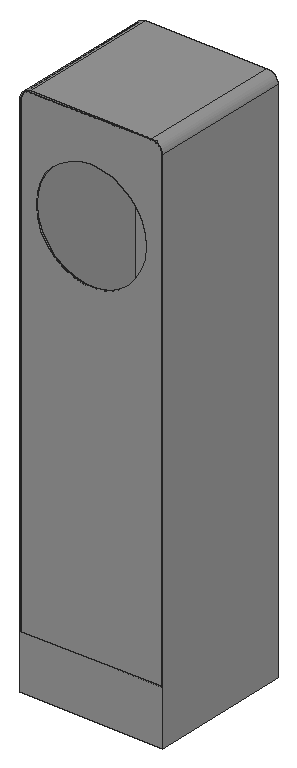
Revit family "Урна стальная «Корсика» Арт 25578", category Антураж, Revit 2018
Family settings
  На основе рабочей плоскости = Нет
  Всегда вертикально = Да
  При загрузке вырезать с полостями = Нет
  Источник визуального образа = Геометрия семейства
  Общий = Нет
  Точка расчета площади = Нет
Parameters (values of type "Урна стальная «Корсика»")
  Ширина = 260 mm  # constant formula
  Цвет урны = Сталь
  Описание = "Урна стальная «Корсика»"  # constant formula
  Материал изделия = "Сталь"  # constant formula
  Изображение типоразмера = Урна стальная «Корсика» Арт 25578.jpg
  Изготовитель = "ООО «Хоббика»"  # constant formula
  Длина = 260 mm  # constant formula
  Группа модели = "Уличные урны"  # constant formula
  Высота = 985 mm  # constant formula
  Артикул товара = "Арт. 25578"  # constant formula
  URL = "https://hobbyka.ru/product/urna_stalnaya_korsika/"
Reference planes
  plane 1 "По центру (Вперед/Назад)": y = 0
  plane 2: z = 0
  plane 3 "По центру (Влево/Вправо)": x = 0
  plane 4: y = 260
  plane 5: z = 985
  plane 6: x = 260
Forms (mm)
  Extrusion 1, solid, material "Сталь" <- "Цвет урны"
    sketch origin (0, 0, 0) x (1, 0, 0) y (0, 0, 1)
      loop
        arc (20, 985) -> (5.858, 979.142) -> (0, 965) r 20
        line (0, 965) -> (0, 0) -> (260, 0) -> (260, 965)
        arc (260, 965) -> (254.142, 979.142) -> (240, 985) r 20
        line (240, 985) -> (20, 985)
      loop
        arc (20, 983) -> (7.272, 977.728) -> (2, 965) r 18
        line (2, 965) -> (2, 100) -> (258, 100) -> (258, 965)
        arc (258, 965) -> (252.728, 977.728) -> (240, 983) r 18
        line (240, 983) -> (20, 983)
    from 0 to -260
  Extrusion 2, solid, material "Сталь" <- "Цвет урны"
    sketch origin (0, 0, 0) x (1, 0, 0) y (0, 0, 1)
      loop
        line (2, 965) -> (2, 100) -> (258, 100) -> (258, 965)
        arc (258, 965) -> (252.728, 977.728) -> (240, 983) r 18
        line (240, 983) -> (20, 983)
        arc (20, 983) -> (7.272, 977.728) -> (2, 965) r 18
    from -258 to -260
  Extrusion 3, solid, material "Сталь" <- "Цвет урны"
    sketch origin (0, 0, 0) x (1, 0, 0) y (0, 1, 0)
      loop
        line (3, 0) -> (257, 0)
        arc (257, 0) -> (257.707, 0.293) -> (258, 1) r 1
        line (258, 1) -> (2, 1)
        arc (2, 1) -> (2.293, 0.293) -> (3, 0) r 1
    from 100 to 983
  Extrusion 4, void
    sketch origin (0, 0, 0) x (1, 0, 0) y (0, 0, 1)
      loop
        circle (130, 805) r 100
      loop
        arc (2, 965) -> (7.272, 977.728) -> (20, 983) r 18
        line (20, 983) -> (2, 983) -> (2, 965)
      loop
        line (258, 983) -> (240, 983)
        arc (240, 983) -> (252.728, 977.728) -> (258, 965) r 18
        line (258, 965) -> (258, 983)
    from 0 to -35.967
Cuts and joins
  joined: Extrusion 1, Extrusion 2
  Extrusion 4 cuts Extrusion 3
Dimensions and locks
  "Ширина": plane 4 to plane 1 "По центру (Вперед/Назад)"
  "Высота": plane 5 to plane 2
  "Длина": plane 3 "По центру (Влево/Вправо)" to plane 6
  aligned and locked: level to plane 2
Automatic sketch dimensions
  plane 3 "По центру (Влево/Вправо)" to Extrusion 2 sketch curve = 2 mm
  Extrusion 2 sketch curve to plane 5 = 2 mm
  plane 3 "По центру (Влево/Вправо)" to Extrusion 2 sketch curve = 20 mm
  level to Extrusion 2 sketch curve = 100 mm
  plane 1 "По центру (Вперед/Назад)" to Extrusion 3 sketch curve = 0 mm
  Extrusion 3 sketch curve to plane 1 "По центру (Вперед/Назад)" = 1 mm
  plane 3 "По центру (Влево/Вправо)" to Extrusion 3 sketch curve = 2 mm
  Extrusion 3 sketch curve to Extrusion 3 sketch curve = 254 mm
  plane 3 "По центру (Влево/Вправо)" to Extrusion 4 sketch curve = 130 mm
  Extrusion 4 sketch curve to plane 5 = 180 mm
  plane 3 "По центру (Влево/Вправо)" to Extrusion 4 sketch curve = 20 mm
  plane 3 "По центру (Влево/Вправо)" to Extrusion 4 sketch curve = 2 mm
  level to Extrusion 4 sketch curve = 965 mm  (x2)
  Extrusion 4 sketch curve to plane 5 = 2 mm  (x2)
  Extrusion 4 sketch curve to Extrusion 4 sketch curve = 0 mm  (x3)
  Extrusion 4 sketch curve to Extrusion 4 sketch curve = 18 mm  (x3)
  Extrusion 4 sketch curve to plane 5 = 20 mm
  Extrusion 1 sketch curve to Extrusion 1 sketch curve = 0 mm  (x5)
  Extrusion 1 sketch curve to level = 0 mm
  Extrusion 1 sketch curve to plane 3 "По центру (Влево/Вправо)" = 0 mm
  Extrusion 1 sketch curve to plane 5 = 0 mm
  Extrusion 1 sketch curve to Extrusion 1 sketch curve = 2 mm
  Extrusion 1 sketch curve to Extrusion 1 sketch curve = 18 mm  (x2)
  level to Extrusion 1 sketch curve = 100 mm
  Extrusion 1 sketch curve to plane 6 = 0 mm
  Extrusion 2 sketch curve to plane 6 = 20 mm
  Extrusion 2 sketch curve to plane 6 = 2 mm
  Extrusion 4 sketch curve to plane 6 = 20 mm
  radius of Extrusion 4 sketch curve = 100 mm
